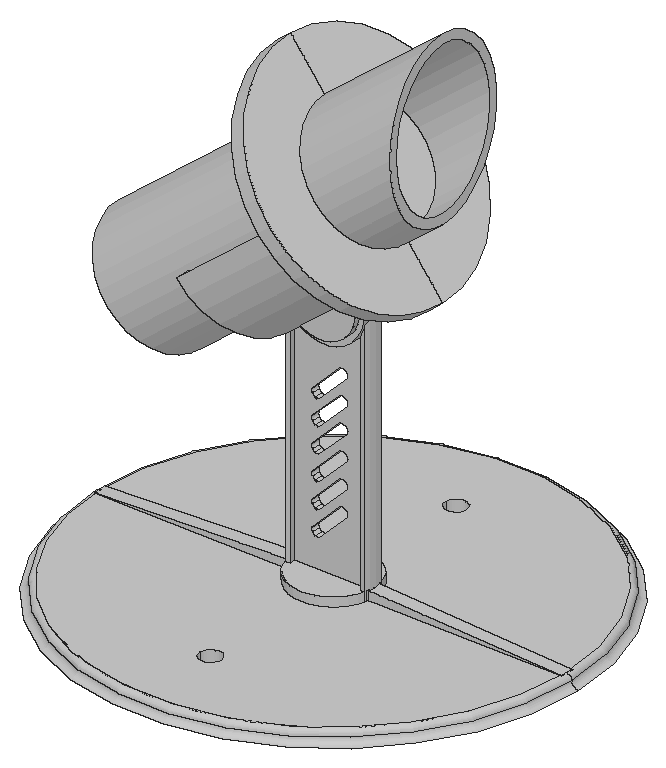
Revit family "SMALL UNDERWATER_LKPB0158CW.30", category Luminarias, Revit 2019
Family settings
  Cota de conector redondo = Diámetro de uso
  Tipo de pieza = Normal
  Se basa en plano de trabajo = Sí
  Siempre vertical = No
  Corte con vacíos al cargar = No
  Origen de luz = Sí
  Compartido = No
  Punto de cálculo de habitación = No
Parameters (values of type "SUB_LKPB0158CW.30")
  Ángulo de inclinación = 60.00°
  Zone [instance] = ""
  Watt per fixture = 2.6
  Wattage = 2.6 W
  built-in parameter 1150107 = 6000 (stored number, unit not read)
  built-in parameter 1150110 = 1 (stored number, unit not read)
  built-in parameter 1150109 = 1 (stored number, unit not read)
  built-in parameter 1150112 = 1 (stored number, unit not read)
  built-in parameter 1150113 = 1 (stored number, unit not read)
  built-in parameter 1114218 = 1 (stored number, unit not read)
  Keynote = ""
  built-in parameter 1150142 = "IESNA:LM-63-1995\r\n[TEST] SMALL UNDERWATER\r\n[DATE] 2016/12/13\r\n[MANUFAC] BRILLANTE ILUMINACION\r\n[LUMCAT] SMALL UNDERWATER\r\n[LUMINAIRE] LKPB0158CW\r\n[LAMPCAT] SMALL UNDERWATER\r\n[LAMP] SMALL UNDERWATER 6000°K 30°\r\nTILT=NONE\r\n0 -1 1.0 19 9 1 2 0.000 0.000 0.000\r\n1 1 2.6\r\n0.0 5.0 10.0 15.0 20.0 25.0 30.0 35.0 40.0 45.0 50.0 55.0 60.0 65.0 70.0 75.0 80.0 85.0 90.0\r\n0.0 45.0 90.0 135.0 180.0 225.0 270.0 315.0 360.0 \r\n752.643 672.658 485.137 290.038 148.706 76.401 43.629 25.092 12.904 8.193 5.326 3.585 2.458 1.843 1.331 0.922 0.512 0.307 0.205\r\n752.848 666.308 483.089 285.019 135.187 68.208 37.484 16.694 9.525 6.145 4.097 2.765 2.048 1.434 1.024 0.614 0.307 0.205 0.102\r\n745.884 589.702 396.446 203.805 91.866 32.158 10.856 6.964 4.813 3.277 2.458 1.843 1.229 0.717 0.410 0.205 0.102 0.102 0.102\r\n749.161 600.865 386.512 204.010 60.629 11.675 6.145 4.506 3.585 2.765 2.048 1.434 0.717 0.205 0.102 0.102 0.102 0.102 0.102\r\n752.643 643.572 416.315 238.728 69.335 11.470 5.223 3.380 3.072 2.560 2.048 1.434 0.410 0.102 0.102 0.102 0.102 0.102 0.102\r\n752.848 640.909 421.640 244.566 109.583 20.688 7.783 6.145 5.223 3.892 2.560 1.843 1.024 0.307 0.102 0.102 0.102 0.102 0.000\r\n745.884 702.051 506.337 312.569 171.442 78.040 23.146 12.187 8.705 6.145 4.301 2.970 2.048 1.331 0.717 0.307 0.205 0.102 0.102\r\n749.161 709.629 518.934 327.112 172.159 88.588 53.768 23.965 13.416 8.910 5.940 3.789 2.663 1.843 1.331 0.819 0.410 0.205 0.102\r\n752.643 672.658 485.137 290.038 148.706 76.401 43.629 25.092 12.904 8.193 5.326 3.585 2.458 1.843 1.331 0.922 0.512 0.307 0.205\r\n"
  built-in parameter 1150137 = (empty or 0)
  built-in parameter 1150132 = (empty or 0)
  Modelo = "LKPB0158CW.30"
  Lámpara = "OSRAM"
  built-in parameter 1150105 = 12 (stored number, unit not read)
  built-in parameter 1150102 = (empty or 0)
  built-in parameter 1150106 = 0.12 (stored number, unit not read)
  Lumens = 150.8 lm
  Color Filter = 16777215
  built-in parameter 1114217 = 1 (stored number, unit not read)
  built-in parameter 1150139 = (empty or 0)
  Fabricante = "BRILLANT"
  Default Elevation = 0 mm
  built-in parameter 1150104 = 5.3884 (stored number, unit not read)
  Descripción = "LUMINARIA SUB ACUATICA TIPO PUNTUAL, ACABADO EN ACERO INOXIDABLE, CUPERO MOLDEADO EN CROMO, SELLO DE SILICON, VIDRIO TEMPLADO DE 7MM, 1 LED TIPO OSRAM CON UN CONSUMO TOTAL DE 2.6W, 174 LUMENES CON  UNA TEMPERATURA EN BLANCO CALIDO 6000K, IP 68, IK 06, SUMERGIBLE MAXIMO 2M, CABLE H07RN DE 3M, APERTURA A 30 GRADOS, ALIMENTADA A 24V. REQUIERE ACCESORIOS."
  built-in parameter 1150115 = 1 (stored number, unit not read)
  built-in parameter 1150114 = 1 (stored number, unit not read)
  Comentarios de vataje = "24V"
  built-in parameter 1150138 = (empty or 0)
  built-in parameter 1150134 = 5
  Circuit [instance] = ""
  Dimming Lamp Color Temperature Shift = (empty or 0)
  Archivo de red fotométrica = "SMALL UNDERWATER_LKPB0158CW 30°.IES"
  built-in parameter 1150133 = 10 (stored number, unit not read)
Reference planes
  plane 1 "Centro (Frontal/Posterior)": y = 0
  plane 2: z = 0
  plane 3 "Centro (Izquierda/Derecha)": x = 0
  plane 4: z = 132
  plane 5: z = 3
  plane 6: x = -653.678
  plane 7: x = 600
  plane 8 "inclinado": through (-18.314, -1524, 86.57) normal (0.7771, 0, 0.6293)
Forms (mm)
  Revolve 1, solid, material "Acero Inoxidable"
    sketch origin (0, 0, 0) x (1, 0, 0) y (0, 0, 1)
      loop
        arc (60, 0) -> (58.861, 0.472) -> (58.389, 1.611) r 1.611
        arc (58.389, 1.611) -> (57.982, 2.593) -> (57, 3) r 1.389
        line (57, 3) -> (0, 3) -> (0, 0) -> (60, 0)
      axis (0, 3) -> (0, 0)
    angle from 0 to 360
  Extrusion 2, solid, material "Acero Inoxidable"
    sketch origin (0, 0, 0) x (1, 0, 0) y (0, 1, 0)
      loop
        circle (0, 0) r 10
    from 3 to 5.134
  Extrusion 3, solid, material "Acero Inoxidable"
    sketch origin (0, 0, 0) x (1, 0, 0) y (0, 0, 1)
      loop
        line (-10, 5.134) -> (-57.216, 3) -> (-10, 3) -> (-10, 5.134)
      loop
        line (10, 5.134) -> (10, 3) -> (57.216, 3) -> (10, 5.134)
    from -1.668 to 1.605
  Extrusion 4, void
    sketch origin (0, 0, 0) x (1, 0, 0) y (0, 1, 0)
      loop
        circle (0, 37.605) r 2.589
      loop
        circle (0, -37.605) r 2.589
    from 0 to 3
  Extrusion 5, solid, material "Acero Inoxidable"
    sketch origin (0, 0, 0) x (1, 0, 0) y (0, 1, 0)
      loop
        arc (-9.664, 2.571) -> (-10, 0) -> (-9.664, -2.571) r 10
        line (-9.664, -2.571) -> (-8.527, -2.387)
        arc (-8.527, -2.387) -> (-8.69, -1.699) -> (-8.798, -1) r 8.855
        line (-8.798, -1) -> (8.798, -1)
        arc (8.798, -1) -> (8.69, -1.699) -> (8.527, -2.387) r 8.855
        line (8.527, -2.387) -> (9.664, -2.571)
        arc (9.664, -2.571) -> (10, 0) -> (9.664, 2.571) r 10
        line (9.664, 2.571) -> (8.527, 2.387)
        arc (8.527, 2.387) -> (8.69, 1.699) -> (8.798, 1) r 8.855
        line (8.798, 1) -> (-8.798, 1)
        arc (-8.798, 1) -> (-8.69, 1.699) -> (-8.527, 2.387) r 8.855
        line (-8.527, 2.387) -> (-9.664, 2.571)
    from 3 to 66.238
  Extrusion 6, void
    sketch origin (0, 0, 0) x (1, 0, 0) y (0, 0, 1)
      loop
        arc (-4.236, 44.448) -> (-4.479, 43.861) -> (-4.236, 43.274) r 0.831
        line (-4.236, 43.274) -> (-3.616, 42.653)
        arc (-3.616, 42.653) -> (-3.028, 42.41) -> (-2.441, 42.653) r 0.831
        line (-2.441, 42.653) -> (4.236, 49.33)
        arc (4.236, 49.33) -> (4.479, 49.917) -> (4.236, 50.505) r 0.831
        line (4.236, 50.505) -> (3.616, 51.125)
        arc (3.616, 51.125) -> (3.028, 51.368) -> (2.441, 51.125) r 0.831
        line (2.441, 51.125) -> (-4.236, 44.448)
      loop
        arc (-4.236, 38.355) -> (-4.479, 37.768) -> (-4.236, 37.18) r 0.831
        line (-4.236, 37.18) -> (-3.616, 36.56)
        arc (-3.616, 36.56) -> (-3.028, 36.317) -> (-2.441, 36.56) r 0.831
        line (-2.441, 36.56) -> (4.236, 43.237)
        arc (4.236, 43.237) -> (4.479, 43.824) -> (4.236, 44.411) r 0.831
        line (4.236, 44.411) -> (3.616, 45.032)
        arc (3.616, 45.032) -> (3.028, 45.275) -> (2.441, 45.032) r 0.831
        line (2.441, 45.032) -> (-4.236, 38.355)
      loop
        arc (-4.236, 32.262) -> (-4.479, 31.674) -> (-4.236, 31.087) r 0.831
        line (-4.236, 31.087) -> (-3.616, 30.467)
        arc (-3.616, 30.467) -> (-3.028, 30.223) -> (-2.441, 30.467) r 0.831
        line (-2.441, 30.467) -> (4.236, 37.143)
        arc (4.236, 37.143) -> (4.479, 37.731) -> (4.236, 38.318) r 0.831
        line (4.236, 38.318) -> (3.616, 38.939)
        arc (3.616, 38.939) -> (3.028, 39.182) -> (2.441, 38.939) r 0.831
        line (2.441, 38.939) -> (-4.236, 32.262)
      loop
        arc (-4.236, 26.169) -> (-4.479, 25.581) -> (-4.236, 24.994) r 0.831
        line (-4.236, 24.994) -> (-3.616, 24.373)
        arc (-3.616, 24.373) -> (-3.028, 24.13) -> (-2.441, 24.373) r 0.831
        line (-2.441, 24.373) -> (4.236, 31.05)
        arc (4.236, 31.05) -> (4.479, 31.637) -> (4.236, 32.225) r 0.831
        line (4.236, 32.225) -> (3.616, 32.845)
        arc (3.616, 32.845) -> (3.028, 33.089) -> (2.441, 32.845) r 0.831
        line (2.441, 32.845) -> (-4.236, 26.169)
      loop
        arc (-4.236, 20.075) -> (-4.479, 19.488) -> (-4.236, 18.9) r 0.831
        line (-4.236, 18.9) -> (-3.616, 18.28)
        arc (-3.616, 18.28) -> (-3.028, 18.037) -> (-2.441, 18.28) r 0.831
        line (-2.441, 18.28) -> (4.236, 24.957)
        arc (4.236, 24.957) -> (4.479, 25.544) -> (4.236, 26.132) r 0.831
        line (4.236, 26.132) -> (3.616, 26.752)
        arc (3.616, 26.752) -> (3.028, 26.995) -> (2.441, 26.752) r 0.831
        line (2.441, 26.752) -> (-4.236, 20.075)
      loop
        arc (-4.236, 13.982) -> (-4.479, 13.395) -> (-4.236, 12.807) r 0.831
        line (-4.236, 12.807) -> (-3.616, 12.187)
        arc (-3.616, 12.187) -> (-3.028, 11.944) -> (-2.441, 12.187) r 0.831
        line (-2.441, 12.187) -> (4.236, 18.864)
        arc (4.236, 18.864) -> (4.479, 19.451) -> (4.236, 20.038) r 0.831
        line (4.236, 20.038) -> (3.616, 20.659)
        arc (3.616, 20.659) -> (3.028, 20.902) -> (2.441, 20.659) r 0.831
        line (2.441, 20.659) -> (-4.236, 13.982)
    from -1 to 1
  Extrusion 7, solid, material "Acero Inoxidable"
    sketch origin (0, 0, 0) x (1, 0, 0) y (0, 0, 1)
      loop
        circle (0, 66.238) r 10
    from -2.669 to 2.776
  Extrusion 8, solid, material "Acero Inoxidable"
    sketch origin (0, 0, 0) x (1, 0, 0) y (0, 0, 1)
      loop
        circle (0, 66.238) r 8.527
    from -3.879 to 3.918
  Extrusion 9, solid, material "Acero Inoxidable"
    sketch origin (38.907, 0, 12.732) x (0.809017, 0, 0.587785) y (-0.587785, 0, 0.809017)
      loop
        line (-8.527, 67.314) -> (-8.527, 65.161) -> (8.251, 65.161) -> (8.251, 67.314) -> (-8.527, 67.314)
    from -6.819 to 6.783
  Extrusion 10, solid, material "Acero Inoxidable"
    sketch origin (35.015, 0, 20.714) x (-0.62932, 0, 0.777146) y (0, -1, 0)
      loop
        line (74.745, 16.141) -> (74.745, 20.141)
        arc (74.745, 20.141) -> (54.604, 0) -> (74.745, -20.141) r 20.141
        line (74.745, -20.141) -> (74.745, -16.141)
        arc (74.745, -16.141) -> (58.604, 0) -> (74.745, 16.141) r 16.141
    from -13.208 to 23.085
  Revolve 11, solid, material "Acero Inoxidable"
    sketch origin (-79.16, 0, 96.158) x (0, 0, -1) y (1, 0, 0)
      loop
        line (40.545, 36.817) -> (53.223, 47.084) -> (23.006, 84.399)
        arc (23.006, 84.399) -> (21.888, 84.469) -> (21.99, 85.585) r 0.781
        line (21.99, 85.585) -> (21.482, 86.212)
        arc (21.482, 86.212) -> (20.383, 86.328) -> (20.499, 87.426) r 0.781
        line (20.499, 87.426) -> (19.99, 88.054)
        arc (19.99, 88.054) -> (18.878, 88.186) -> (19.042, 89.294) r 0.781
        line (19.042, 89.294) -> (14.683, 94.676) -> (25.101, 103.113) -> (22.713, 106.062) -> (12.295, 97.626) -> (-11.117, 126.537) -> (-12.562, 125.367) -> (9.217, 98.473) -> (-2.016, 89.376) -> (40.545, 36.817)
      axis (-23.795, 116.271) -> (40.545, 36.817)
    angle from 0 to 360
  Extrusion 12, void
    sketch origin (27.372, 0, 30.152) x (-0.62932, 0, 0.777146) y (0, -1, 0)
      loop
        circle (63.579, 0.01) r 16.073
      loop
        circle (63.579, 0.01) r 15.534
    from -43.944 to -35.873
  Extrusion 13, void
    sketch origin (0, 0, 0) x (1, 0, 0) y (0, 0, 1)
      loop
        line (26.844, 132.631) -> (26.844, 87.631) -> (51.844, 87.631) -> (51.844, 132.631) -> (26.844, 132.631)
    from -20.591 to 22.166
  Extrusion 14, solid, material "Acero Inoxidable"
    sketch origin (11.387, 0, 49.892) x (-0.62932, 0, 0.777146) y (0, -1, 0)
      loop
        line (37.201, -5) -> (41.531, -2.5) -> (41.531, 2.5) -> (37.201, 5) -> (32.871, 2.5) -> (32.871, -2.5) -> (37.201, -5)
    from -41.395 to -38.156
  Extrusion 15, solid, material "Plastico"
    sketch origin (11.387, 0, 49.892) x (-0.62932, 0, 0.777146) y (0, -1, 0)
      loop
        circle (37.201, 0) r 2.706
    from -48.927 to -41.395
Cuts and joins
  Extrusion 4 cuts Revolve 1
  Extrusion 6 cuts Extrusion 5
  Extrusion 12, Extrusion 13 cuts Revolve 11
  Extrusion 12 cuts Extrusion 7
  Extrusion 12 cuts Extrusion 10
Dimensions and locks
  plane 4 to plane 2 = 132 mm
  plane 4 to level = 132 mm
  plane 5 to level = 3 mm
  Revolve 11 sketch curve to Revolve 11 sketch curve = 16.314 mm
  Revolve 11 sketch curve to Revolve 11 sketch curve = 102.238 mm
  cut or joined group of Revolve 11, Extrusion 12, Extrusion 13 to cut or joined group of Revolve 11, Extrusion 12, Extrusion 13 = 102.238 mm
  Revolve 11 sketch curve to Revolve 11 sketch curve = 29.719 mm
  Extrusion 10 sketch curve to Extrusion 10 sketch curve = 4 mm
  aligned and locked: level to plane 2
  aligned and locked: Extrusion 5 to Extrusion 6  (x2)
Connectors
  electrical at (-50.047, 0, 48.012)
    settings: on Extrusion 15, index 1, voltage 24 V, apparent load 0 VA, apparent load phase1 0 VA, apparent load phase2 0 VA, apparent load phase3 0 VA, power factor 1, load classification "Otro", number of poles 1, system type 31, power factor state 1, is connector primary yes, connector utility no, sub classification motor no, connector description ""
